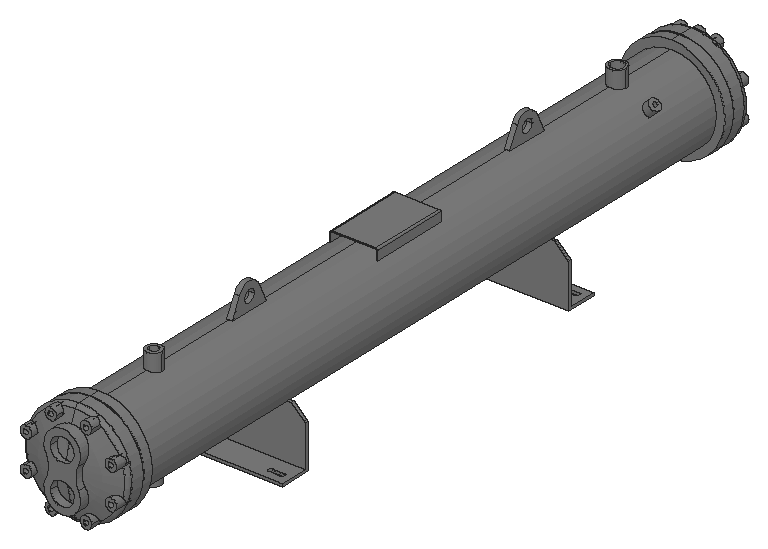
Revit family "MIT-BC_60_4P", category Specialty Equipment, Revit 2022
Family settings
  Round Connector Dimension = Use Radius
  Part Type = Normal
  Work Plane-Based = No
  Always vertical = Yes
  Cut with Voids When Loaded = No
  Maintain Annotation Orientation = No
  Shared = No
  Room Calculation Point = No
Parameters
  URL = "https://en.ekinendustriyel.com/evaporators-and-condensers"
  Test Pressure = 64.35 bar
  Production Standard = "TS EN 13831"
  Operating Pressure = 45.0 bar
  Model = "MIT-BC 60_4P"
  Manufacturer = "Ekin Endüstriyel"
  Keynote = "Condensers"
  Description = "MIT- Condensers"
  Default Elevation = 0 mm
Reference planes
  plane 1 "Center (Front/Back)": y = 0
  plane 2: z = 0
  plane 3 "Center (Left/Right)": x = 0
Forms (mm)
  Extrusion 1, solid, material "Ekin Endustriyel-S235JR", detail levels medium+fine
    sketch origin (0, 0, 0) x (1, 0, 0) y (0, 0, 1)
      loop
        circle (0, 164.15) r 84.15
    from -679.877 to 680.123
  Extrusion 2, solid, material "Ekin Endustriyel-S235JR", detail levels medium+fine
    sketch origin (0, 0, 0) x (1, 0, 0) y (0, 0, 1)
      loop
        circle (0, 164.15) r 100
    from 700.123 to 680.123
  Extrusion 3, solid, material "Ekin Endustriyel-S235JR", detail levels medium+fine
    sketch origin (0, 0, 0) x (1, 0, 0) y (0, 0, 1)
      loop
        circle (0, 164.15) r 100
    from -679.877 to -699.877
  Revolve 4, solid, material "Ekin Endustriyel-S235JR", detail levels medium+fine
    sketch origin (0, 0, 0) x (0, 1, 0) y (0, 0, 1)
      loop
        arc (756.877, 164.15) -> (751.232, 212.043) -> (736.278, 257.89) r 244.009
        arc (736.278, 257.89) -> (732.413, 262.447) -> (726.686, 264.15) r 10.477
        line (726.686, 264.15) -> (701.877, 264.15) -> (701.877, 164.15) -> (756.877, 164.15)
      axis (701.877, 164.15) -> (756.877, 164.15)
    angle from 0 to 360
  Revolve 5, solid, material "Ekin Endustriyel-S235JR", detail levels medium+fine
    sketch origin (0, 0, 0) x (0, -1, 0) y (0, 0, -1)
      loop
        line (756.877, -164.15) -> (701.877, -164.15) -> (701.877, -264.15) -> (726.686, -264.15)
        arc (726.686, -264.15) -> (732.413, -262.447) -> (736.278, -257.89) r 10.477
        arc (736.278, -257.89) -> (751.232, -212.043) -> (756.877, -164.15) r 244.009
      axis (701.877, -164.15) -> (756.877, -164.15)
    angle from 0 to 360
  Extrusion 6, solid, material "Ekin Endustriyel-S235JR", detail levels medium+fine
    sketch origin (0, 0, 0) x (1, 0, 0) y (0, 0, 1)
      loop
        circle (0, 201.65) r 22.625
      loop
        circle (0, 126.65) r 22.625
      loop
        arc (30.708, 184.856) -> (0, 236.65) -> (-30.708, 184.856) r 35
        arc (-30.708, 184.856) -> (-26.118, 164.15) -> (-30.708, 143.444) r 49
        arc (-30.708, 143.444) -> (0, 91.65) -> (30.708, 143.444) r 35
        arc (30.708, 143.444) -> (26.118, 164.15) -> (30.708, 184.856) r 49
    from 717.825 to 767.123
  Extrusion 7, solid, material "Ekin Endustriyel-S235JR", detail levels fine
    sketch origin (0, 0, 0) x (1, 0, 0) y (0, 0, 1)
      loop
        circle (-33.485, 244.989) r 5.25
      loop
        circle (-33.485, 244.989) r 11
      loop
        circle (33.485, 244.989) r 5.25
      loop
        circle (33.485, 244.989) r 11
      loop
        circle (-33.485, 83.311) r 5.25
      loop
        circle (-33.485, 83.311) r 11
      loop
        circle (33.485, 83.311) r 5.25
      loop
        circle (33.485, 83.311) r 11
      loop
        circle (80.839, 197.635) r 5.25
      loop
        circle (80.839, 197.635) r 11
      loop
        circle (80.839, 130.665) r 5.25
      loop
        circle (80.839, 130.665) r 11
      loop
        circle (-80.839, 197.635) r 5.25
      loop
        circle (-80.839, 197.635) r 11
      loop
        circle (-80.839, 130.665) r 5.25
      loop
        circle (-80.839, 130.665) r 11
      loop
        spline (-3.887, 234.77) -> (-3.258, 234.581) -> (-2.619, 234.427) -> (-1.971, 234.307) -> (-1.318, 234.221) -> (-0.66, 234.169) -> (0, 234.151) -> (0.66, 234.169) -> (1.318, 234.221) -> (1.971, 234.307) -> (2.619, 234.427) -> (3.258, 234.581) -> (3.887, 234.77)
        arc (3.887, 234.77) -> (0, 259.15) -> (-3.887, 234.77) r 12.5
      loop
        spline (3.887, 93.53) -> (3.258, 93.719) -> (2.619, 93.873) -> (1.971, 93.993) -> (1.318, 94.079) -> (0.66, 94.131) -> (0, 94.149) -> (-0.66, 94.131) -> (-1.318, 94.079) -> (-1.971, 93.993) -> (-2.619, 93.873) -> (-3.258, 93.719) -> (-3.887, 93.53)
        arc (-3.887, 93.53) -> (0, 69.15) -> (3.887, 93.53) r 12.5
    from -746.877 to -718.037
  Extrusion 8, solid, material "Ekin Endustriyel-S235JR", detail levels fine
    sketch origin (0, 0, 0) x (1, 0, 0) y (0, 0, 1)
      loop
        circle (35.355, 128.795) r 22.5
      loop
        circle (-35.355, 199.505) r 22.5
    from -756.877 to -718.037
  Extrusion 9, solid, material "Ekin Endustriyel-S235JR", detail levels fine
    sketch origin (0, 0, 0) x (1, 0, 0) y (0, 1, 0)
      loop
        circle (0, 549.877) r 16.75
      loop
        circle (0, 549.877) r 13
    from 191.874 to 278.3
  Extrusion 10, solid, material "Ekin Endustriyel-S235JR", detail levels fine
    sketch origin (0, 0, 0) x (1, 0, 0) y (0, 1, 0)
      loop
        circle (0, -550.123) r 15.25
      loop
        circle (0, -550.123) r 8.928
    from 191.926 to 278.374
  Extrusion 11, solid, material "Ekin Endustriyel-S235JR", detail levels fine
    sketch origin (0, 0, 0) x (1, 0, 0) y (0, 1, 0)
      loop
        circle (0, -550.123) r 13.75
      loop
        circle (0, -550.123) r 10.25
    from 51.131 to 164.102
  Extrusion 12, solid, material "Ekin Endustriyel-S235JR", detail levels fine
    sketch origin (71.72, 549.877, 235.87) x (-0.707107, 0, 0.707107) y (0, 1, 0)
      loop
        circle (0, 0) r 11
      loop
        circle (0, 0) r 4.745
    from 0 to 68.846
  Extrusion 13, solid, material "Ekin Endustriyel-S235JR", detail levels fine
    sketch origin (0, 0, 0) x (1, 0, 0) y (0, 0, 1)
      loop
        arc (-42, 255.88) -> (-44.121, 255.002) -> (-45, 252.88) r 3
        line (-45, 252.88) -> (-45, 235.88) -> (-44, 235.88) -> (-44, 252.88)
        arc (-44, 252.88) -> (-43.414, 254.294) -> (-42, 254.88) r 2
        line (-42, 254.88) -> (42, 254.88)
        arc (42, 254.88) -> (43.414, 254.294) -> (44, 252.88) r 2
        line (44, 252.88) -> (44, 235.88) -> (45, 235.88) -> (45, 252.88)
        arc (45, 252.88) -> (44.121, 255.002) -> (42, 255.88) r 3
        line (42, 255.88) -> (-42, 255.88)
    from -74.877 to 75.123
  Extrusion 14, solid, material "Ekin Endustriyel-S235JR", detail levels fine
    sketch origin (0, 0, 0) x (0, 1, 0) y (0, 0, 1)
      loop
        circle (329.877, 273.151) r 12.5
      loop
        arc (352.349, 284.106) -> (329.877, 298.151) -> (307.406, 284.106) r 25
        line (307.406, 284.106) -> (289.877, 248.151) -> (369.877, 248.151) -> (352.349, 284.106)
      loop
        arc (-307.651, 284.106) -> (-330.123, 298.151) -> (-352.594, 284.106) r 25
        line (-352.594, 284.106) -> (-370.123, 248.151) -> (-290.123, 248.151) -> (-307.651, 284.106)
      loop
        circle (-330.123, 273.151) r 12.5
    from -5 to 5
  Extrusion 15, solid, material "Ekin Endustriyel-S235JR"
    sketch origin (0, 0, 0) x (0, 1, 0) y (0, 0, 1)
      loop
        line (309.877, 110) -> (309.877, 0) -> (369.877, 0) -> (369.877, 5) -> (314.877, 5) -> (314.877, 110) -> (309.877, 110)
      loop
        line (-309.877, 110) -> (-314.877, 110) -> (-314.877, 5) -> (-369.877, 5) -> (-369.877, 0) -> (-309.877, 0) -> (-309.877, 110)
    from -100 to 100
  Extrusion 16, void
    sketch origin (0, 0, 0) x (1, 0, 0) y (0, 0, 1)
      loop
        line (100, 84.413) -> (100, 119.413) -> (-100, 119.413) -> (-100, 84.413) -> (-74.413, 110) -> (-64.413, 110)
        arc (-64.413, 110) -> (0, 80) -> (64.413, 110) r 84.15
        line (64.413, 110) -> (74.413, 110) -> (100, 84.413)
    from -314.877 to 315.123
  Extrusion 17, void
    sketch origin (0, 0, 0) x (1, 0, 0) y (0, 1, 0)
      loop
        line (63.5, -355.373) -> (83.5, -355.373)
        arc (83.5, -355.373) -> (88.75, -350.123) -> (83.5, -344.873) r 5.25
        line (83.5, -344.873) -> (63.5, -344.873)
        arc (63.5, -344.873) -> (58.25, -350.123) -> (63.5, -355.373) r 5.25
      loop
        line (-63.5, -344.873) -> (-83.5, -344.873)
        arc (-83.5, -344.873) -> (-88.75, -350.123) -> (-83.5, -355.373) r 5.25
        line (-83.5, -355.373) -> (-63.5, -355.373)
        arc (-63.5, -355.373) -> (-58.25, -350.123) -> (-63.5, -344.873) r 5.25
      loop
        arc (63.5, 355.373) -> (58.25, 350.123) -> (63.5, 344.873) r 5.25
        line (63.5, 344.873) -> (83.5, 344.873)
        arc (83.5, 344.873) -> (88.75, 350.123) -> (83.5, 355.373) r 5.25
        line (83.5, 355.373) -> (63.5, 355.373)
      loop
        arc (-63.5, 344.873) -> (-58.25, 350.123) -> (-63.5, 355.373) r 5.25
        line (-63.5, 355.373) -> (-83.5, 355.373)
        arc (-83.5, 355.373) -> (-88.75, 350.123) -> (-83.5, 344.873) r 5.25
        line (-83.5, 344.873) -> (-63.5, 344.873)
    from 0 to 5
  Extrusion 18, solid, material "Ekin Endustriyel-S235JR", detail levels coarse
    sketch origin (0, 0, 0) x (1, 0, 0) y (0, 0, 1)
      loop
        circle (0, 164.15) r 100
    from -756.877 to 767.123
  Extrusion 19, solid, material "Ekin Endustriyel-S235JR", detail levels fine
    sketch origin (0, 0, 0) x (1, 0, 0) y (0, 0, 1)
      loop
        circle (-33.485, 244.989) r 5.25
      loop
        circle (-33.485, 244.989) r 11
      loop
        circle (33.485, 244.989) r 5.25
      loop
        circle (33.485, 244.989) r 11
      loop
        circle (-33.485, 83.311) r 5.25
      loop
        circle (-33.485, 83.311) r 11
      loop
        circle (33.485, 83.311) r 5.25
      loop
        circle (33.485, 83.311) r 11
      loop
        circle (80.839, 197.635) r 5.25
      loop
        circle (80.839, 197.635) r 11
      loop
        circle (80.839, 130.665) r 5.25
      loop
        circle (80.839, 130.665) r 11
      loop
        circle (-80.839, 197.635) r 5.25
      loop
        circle (-80.839, 197.635) r 11
      loop
        circle (-80.839, 130.665) r 5.25
      loop
        circle (-80.839, 130.665) r 11
    from 717.825 to 752.867
Cuts and joins
  Extrusion 16, Extrusion 17 cuts Extrusion 15
  joined: Revolve 5, Extrusion 6
Dimensions and locks
  aligned and locked: level to plane 2
